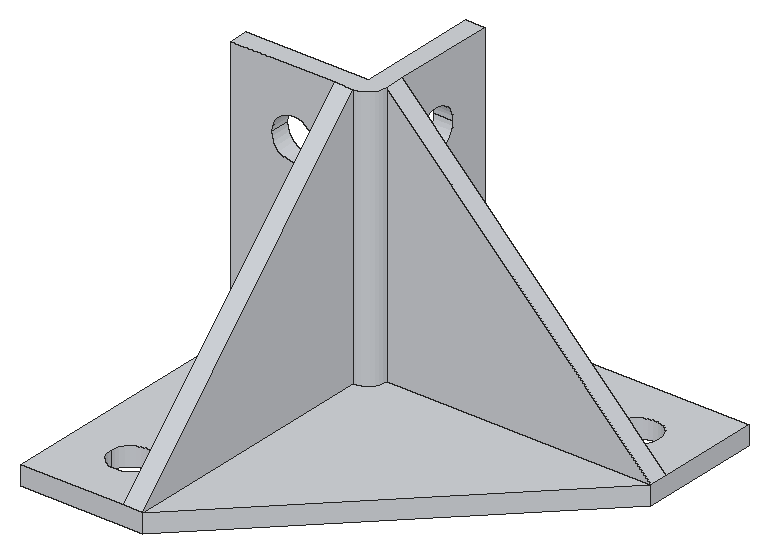
Revit family "Fitting-Wing_Shape-Unistrut-P2245", category Specialty Equipment, Revit 2012
Parameters (values of type "P2245")
  ecoScorecard_data = "http://products.ecoscorecard.com/atkore/P2245"
  ecoScorecard Product Page = "http://products.ecoscorecard.com/atkore/P2245?action=html"
  Weight Per Piece = 3.15 lbf
  Unit = none
  Unistrut Part Number = "P2245"  # constant formula
  URL = "http://unistrut.us/index.php"
  Thickness = 1/4"  # constant formula
  Subcategory = "Wing Shape Fittings"  # constant formula
  Product Page URL = "http://unistrut.us/index.php?WP=cat_detail&S=S05&P=P2245"
  Power Strut Part Number = "PS 2514"  # constant formula
  Part Type = "Fitting"  # constant formula
  Overall Width = 5 3/8"  # constant formula
  Overall Length = 5 3/8"  # constant formula
  Overall Height = 3 3/4"  # constant formula
  Model = "P2245"
  Material = ""
  Manufacturer Phone - Toll Free = "800-882-5543"  # constant formula
  Manufacturer Phone = "708-339-1610"  # constant formula
  Manufacturer Fax = "708-339-7814"  # constant formula
  Manufacturer Email = "mailto:jshaw@atkore.com"
  Manufacturer Address = "16100 South Lathrop Avenue, Harvey, IL 60426"  # constant formula
  Manufacturer = "Unistrut by Atkore International"  # constant formula
  Load Capacity Note = "Visit the product page for load application and capacity."  # constant formula
  Literature URL = "http://unistrut.us/index.php?WP=LItLibrary"
  Hole Diameter = 9/16"
  Cost Info = "mailto:jshaw@atkore.com"
  CAD URL = "http://unistrut.us/index.php?WP=CAD3d"
  Assembly Code = "D5020100"
  95 CSI = "16070"  # constant formula
  04 CSI = "26 05 48"  # constant formula
Reference planes (in)
  plane 1 "Center (Front/Back)": y = 0
  plane 2: z = 0
  plane 3 "Center (Left/Right)": x = 0
  plane 4: z = 3.75
  plane 5: x = -2.6875
  plane 6: y = 2.6875
  plane 7: x = 2.6875
  plane 8: y = -2.6875
  plane 9: z = 0.25
  plane 10: y = 1.875
  plane 11: x = -1.85938
  plane 12: x = 1.875
  plane 13: y = -1.875
  plane 14: z = 2.875
  plane 15: z = 1.125
Dimensions and locks (in)
  "Overall Height": plane 4 to plane 2
  equal spacing: plane 6, plane 1 "Center (Front/Back)", plane 8
  "Overall Length": plane 6 to plane 8
  equal spacing: plane 5, plane 3 "Center (Left/Right)", plane 7
  "Overall Width": plane 5 to plane 7
  "Thickness": plane 9 to plane 2
  aligned and locked: level to plane 2
  aligned and locked: level to nested 1
Nested families (in)
  nested 1: "2245" at (-1.85938, 0.9375, 3.75) x (1, 0, 0) z (0, 0, -1), type "2245"
Definition of nested family "2245"
  Parameters (values of type "2245")
    Width = 5 3/8"
    Unit = none
    Thickness = 1/4"
    Height = 3 3/4"
    Radiuis = Diameter / 2  # 9/32"
    Length = 5 3/8"
    Diameter = 9/16"
    Default Elevation = 0"
    Bolt Length [instance] = 1 1/2"
  Reference planes (in)
    plane 1 "Center (Front/Back)": y = 0
    plane 2: z = 0
    plane 3 "Center (Left/Right)": x = 0
    plane 4: z = 3.75
    plane 5: y = 1.75
    plane 6: x = 4.54688
    plane 7: y = 0.125
    plane 8: x = 0.82813
    plane 9: x = -0.82812
    plane 10: z = 3.5
    plane 11: z = 0.875
    plane 12: y = 0.9375
    plane 13: y = 0.375
    plane 14: y = -3.625
    plane 15: x = 0.79688
    plane 16: x = 0.54688
  Forms (in)
    Extrusion 1, solid, material <- "Unit"
      sketch origin (0, 0, 0) x (1, 0, 0) y (0, 1, 0)
        loop
          line (0.79688, 1.75) -> (0.79688, 0.125) -> (-0.82812, 0.125) -> (-0.82812, -0.125) -> (0.79688, -0.125)
          arc (0.79688, -0.125) -> (0.97365, -0.05178) -> (1.04688, 0.125) r 0.25
          line (1.04688, 0.125) -> (1.04688, 1.75) -> (0.79688, 1.75)
      from 0 to 3.5
    Extrusion 2, solid, material <- "Unit"
      sketch origin (0, 0, 0) x (1, 0, 0) y (0, 0, 1)
        loop
          line (4.54688, 3.75) -> (0.95865, 3.75)
          arc (0.95865, 3.75) -> (0.84426, 3.70262) -> (0.79687, 3.58823) r 0.16177
          line (0.79687, 3.58823) -> (0.79687, 3.5) -> (4.54688, 3.5) -> (4.54688, 3.75)
      from -1.75 to -0.125
    Extrusion 3, solid, material <- "Unit"
      sketch origin (0, 0, 0) x (1, 0, 0) y (0, 0, 1)
        loop
          line (1.04688, 3.5) -> (1.04688, 0) -> (4.54687, 3.5) -> (1.04688, 3.5)
      from -0.375 to -0.125
    Extrusion 4, void
      sketch origin (0, 0, 0) x (1, 0, 0) y (0, 0, 1)
        loop
          circle (0, 0.875) r 0.28125
        loop
          circle (0, 2.625) r 0.28125
      from -0.125 to 0.125
    Extrusion 5, void
      sketch origin (0, 0, 0) x (1, 0, 0) y (0, 1, 0)
        loop
          circle (3.73438, 0.9375) r 0.28125
        loop
          circle (1.85938, 0.9375) r 0.28125
      from 3.5 to 3.75
    Extrusion 6, solid, material <- "Unit"
      sketch origin (-1.20312, 0.8649, 0) x (0, -1, 0) y (0, 0, 1)
        loop
          line (4.4899, 3.75) -> (0.90167, 3.75)
          arc (0.90167, 3.75) -> (0.78728, 3.70262) -> (0.7399, 3.58823) r 0.16177
          line (0.7399, 3.58823) -> (0.7399, 3.5) -> (4.4899, 3.5) -> (4.4899, 3.75)
      from -2 to -0.375
    Extrusion 7, solid, material <- "Unit"
      sketch origin (0.42188, 0.92187, 0) x (0, -1, 0) y (0, 0, 1)
        loop
          line (1.04687, 3.5) -> (1.04687, 0) -> (4.54687, 3.5) -> (1.04687, 3.5)
      from -0.375 to -0.125
    Extrusion 8, void
      sketch origin (0, 0, 0) x (1, 0, 0) y (0, 1, 0)
        loop
          circle (0, -2.8125) r 0.28125
        loop
          circle (0, -0.9375) r 0.28125
      from 3.5 to 3.75
    Extrusion 9, void
      sketch origin (0, 0, 0) x (0, 1, 0) y (0, 0, 1)
        loop
          circle (0.9375, 0.875) r 0.28125
        loop
          circle (0.9375, 2.625) r 0.28125
      from 0.79688 to 1.04688
    Extrusion 10, solid, material <- "Unit"
      sketch origin (0, 0, 0) x (1, 0, 0) y (0, 1, 0)
        loop
          line (0.79688, 0.125) -> (0.79687, -3.625) -> (4.54687, 0.125) -> (0.79688, 0.125)
      from 3.5 to 3.75
  Cuts and joins
    Extrusion 4, Extrusion 5, Extrusion 8, Extrusion 9 cuts Extrusion 1
    Extrusion 4, Extrusion 5, Extrusion 8, Extrusion 9 cuts Extrusion 2
    Extrusion 4, Extrusion 5, Extrusion 8, Extrusion 9 cuts Extrusion 3
    Extrusion 8, Extrusion 9 cuts Extrusion 6
    Extrusion 8, Extrusion 9 cuts Extrusion 7
    joined: Extrusion 1, Extrusion 2, Extrusion 3, Extrusion 6, Extrusion 7, Extrusion 10
  Dimensions and locks (in)
    "Height": plane 4 to plane 2
    equal spacing: plane 9, plane 3 "Center (Left/Right)", plane 8
    plane 9 to plane 8 = 1 21/32"
    "Thickness": plane 4 to plane 10
    locked: plane 13 to plane 7 at 0.25
    "Width": plane 9 to plane 6
    locked: plane 7 to plane 14 at 3.75
    locked: plane 9 to plane 15 at 1.625
    locked: plane 16 to plane 15 at 0.25
    "Length": plane 5 to plane 14
    "Thickness": Extrusion 1 sketch curve to Extrusion 1 sketch curve  (x2)
    plane 15 to plane 6 = 3 3/4"
    "Radiuis": radius of Extrusion 4 sketch curve  (x2)
    "Radiuis": radius of Extrusion 5 sketch curve  (x2)
    "Radiuis": radius of Extrusion 8 sketch curve  (x2)
    "Radiuis": radius of Extrusion 9 sketch curve  (x2)
    aligned and locked: level to plane 2
    aligned and locked: Extrusion 1 sketch curve to plane 7
    aligned and locked: Extrusion 1 sketch curve to plane 5
    aligned and locked: Extrusion 1 sketch curve to plane 9
    aligned and locked: plane 10 to Extrusion 1
    aligned and locked: Extrusion 1 to plane 2
    aligned and locked: plane 6 to Extrusion 2 sketch curve
    aligned and locked: Extrusion 2 sketch curve to plane 4
    aligned and locked: Extrusion 2 sketch curve to plane 10
    aligned and locked: plane 5 to Extrusion 2
    aligned and locked: Extrusion 3 sketch curve to plane 10
    aligned and locked: Extrusion 3 to plane 13
    aligned and locked: Extrusion 3 to plane 7
    aligned and locked: plane 3 "Center (Left/Right)" to Extrusion 4 sketch curve  (x2)
    aligned and locked: Extrusion 1 to Extrusion 4  (x2)
    aligned and locked: plane 12 to Extrusion 5 sketch curve  (x2)
    aligned and locked: Extrusion 5 to Extrusion 1
    aligned and locked: Extrusion 2 to Extrusion 5
    aligned and locked: Extrusion 6 to plane 9
    aligned and locked: Extrusion 6 to plane 14
    aligned and locked: plane 7 to Extrusion 6 sketch curve
    aligned and locked: Extrusion 6 sketch curve to plane 4
    aligned and locked: plane 14 to Extrusion 6 sketch curve
    aligned and locked: Extrusion 6 sketch curve to plane 10
    aligned and locked: Extrusion 7 sketch curve to plane 10
    aligned and locked: plane 15 to Extrusion 7
    aligned and locked: Extrusion 7 to plane 16
    aligned and locked: plane 3 "Center (Left/Right)" to Extrusion 8 sketch curve  (x2)
    aligned and locked: Extrusion 8 to Extrusion 1
    aligned and locked: Extrusion 2 to Extrusion 8
    aligned and locked: plane 12 to Extrusion 9 sketch curve  (x2)
    aligned and locked: cut or joined group 1 (Extrusion 1, Extrusion 2, Extrusion 3, Extrusion 4, Extrusion 5, Extrusion 6, Extrusion 7, Extrusion 8, Extrusion 9, Extrusion 10) to cut or joined group 1  (x2)
    aligned and locked: Extrusion 10 sketch curve to plane 7
    aligned and locked: Extrusion 10 sketch curve to plane 15
    aligned and locked: Extrusion 10 to plane 10
    aligned and locked: plane 4 to Extrusion 10
    aligned and locked: Extrusion 1 sketch curve to plane 15
    aligned and locked: Extrusion 2 sketch curve to plane 15
  Automatic sketch dimensions
    Extrusion 1 sketch curve to plane 7 = 0"
    plane 8 to Extrusion 2 sketch curve = 0.13052"
    plane 6 to Extrusion 3 sketch curve = 0"
    Extrusion 3 sketch curve to level = 0"
    Extrusion 4 sketch curve to plane 11 = 0"
    Extrusion 4 sketch curve to plane 10 = 7/8"
    plane 8 to Extrusion 5 sketch curve = 1 1/32"
    plane 6 to Extrusion 5 sketch curve = 13/16"
    plane 1 "Center (Front/Back)" to Extrusion 6 sketch curve = 0.03677"
    Extrusion 7 sketch curve to plane 14 = 0"
    Extrusion 7 sketch curve to level = 0"
    plane 1 "Center (Front/Back)" to Extrusion 7 sketch curve = 1/8"
    plane 14 to Extrusion 8 sketch curve = 13/16"
    plane 1 "Center (Front/Back)" to Extrusion 8 sketch curve = 15/16"
    Extrusion 9 sketch curve to plane 11 = 0"
    Extrusion 9 sketch curve to plane 10 = 7/8"
    Extrusion 10 sketch curve to plane 14 = 0"
    Extrusion 10 sketch curve to plane 6 = 0"
    plane 8 to Extrusion 3 sketch curve = 7/32"
